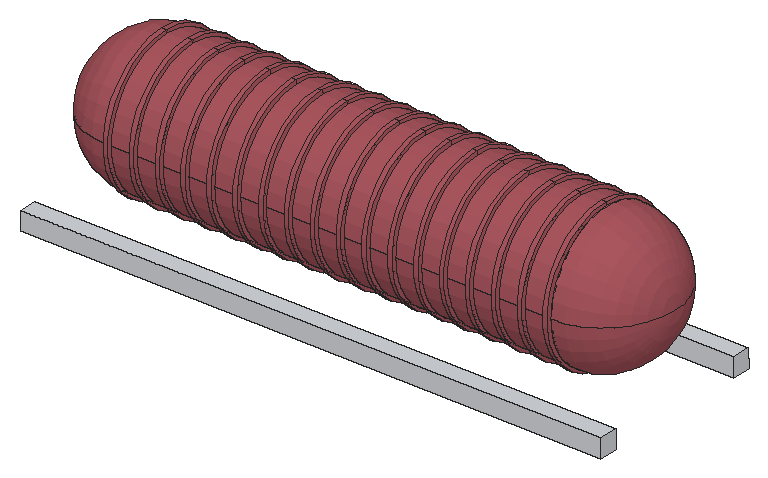
Revit family "Fluid-Storage_Petroleum-Tank_Xerxes_Underground-Standard-Fuel", category Generic Models, Revit 2026
Family settings
  Can host rebar = No
  Round Connector Dimension = Use Diameter
  Part Type = Normal
  Classification Number = 23.65.20.11
  Work Plane-Based = Yes
  Always vertical = No
  Cut with Voids When Loaded = No
  Maintain Annotation Orientation = No
  Shared = No
  Room Calculation Point = No
Parameters
  ribcountcontrol = if(Rib Count < 2, 2, Rib Count)  # 18
  Warranty Duration (Years) = 0
  Unit Weight Notes = "Unit Weight refers to empty tank only."  # constant formula
  Unit Weight = 0
  Unit Length = 31' - 6 1/2"
  URL = "http://www.xerxes.com/"
  Tank Diameter Without Ribs = 7' - 8"
  Standards Conformance = "as Specified"
  Specification = "http://www.arcat.com/sdspecs/htm04/33_16_00xer.htm"
  SpecWizard = "http://www.arcat.com/specwizard/clients/xerxes.html?coid=36629"
  Small Size Resevoir Fitting = no
  Send Message = ""
  Sales Information = "http://www.xerxes.com/contact.html?country=US&productType=Petroleum%20Products"
  Ribs = not(and(Diameter = 4' 0", Unit Length < 10' 0"))  # yes
  Rib Inset = 3' - 10"
  Rib Count = 18
  Revision = "R1_2015-07"
  Product Properties = ""
  Product Data = "http://www.arcat.com/arcatcos/cos36/arc36629.html"
  Model = "As Specified"
  Manufacturer Website = "http://www.xerxes.com/"
  Manufacturer Phone - Toll Free = ""
  Manufacturer Phone = "952-887-1890"
  Manufacturer Fax = "952-887-1882"
  Manufacturer Address = "7901 Xerxes Ave. S.   Minneapolis, MN 55431"
  Manufacturer = "Xerxes Corporation"
  Maintenance Schedule (Months) = 0
  Keynote = "13200"
  Installation-Fabrication = ""
  Installation Phase = ""
  Include Deadmen Anchor [instance] = yes
  Green Building-LEED = ""
  Fuel Type [instance] = "as Specified"
  Exterior Finish [instance] = Plastic - Fiberglass - Xerxes - Signature Red
  Expected Lifespan (Years) = 0
  End Length = 3' - 7 3/4"
  Drawn By = "Sumex Design, Inc. / Robert S. Weygant, CSI, CDT, SCIP"
  Double Wall Tank_Dry Monitored [instance] = no
  Double Wall Tank_Brine Monitored [instance] = no
  Double Wall Tank Notes [instance] = "Brine Monitored Tanks will weigh more than Dry Monitored."  # constant formula
  Diameter = 8' - 0"
  Description = "Xerxes Petroleum Tank as Specified"
  Default Elevation = 0' - 0"
  Copyright = "©Arcat Inc."
  Construction Details = "http://www.arcat.com/details/xerxes/xerxes.html?coid=36629"
  Capacity = "as Specified"
  Brine Weight = 0
  Available LEED Credit = "as Specified"
  Assembly Code = "G30"
  Actual Capacity Tank Section 1 = 0
Reference planes (in)
  plane 1 "Center (Front/Back)": y = 0
  plane 2 "Bottom": z = 0
  plane 3 "Center (Left/Right)": x = 0
  plane 4 "Front": y = -46
  plane 5 "Back": y = 46
  plane 6 "Left": x = -189.25
  plane 7 "Right": x = 189.25
  plane 8 "Top": z = 92
  plane 9: x = -145.5
  plane 10: x = 145.5
  plane 11: z = 46
  plane 12: x = -143.25
  plane 13: x = 143.25
  plane 14: z = 94
  plane 15: z = -2
Forms (in)
  Revolve 1, solid, material "Plastic - Fiberglass - Xerxes - Signature Red" <- "Exterior Finish"
    sketch origin (-43.59721, -180, 46) x (-1, 0, 0) y (0, -1, 0)
      loop
        spline (101.90279, -226) -> (107.61331, -225.60646) -> (113.22612, -224.43259) -> (118.64519, -222.49846) -> (123.77779, -219.83717) -> (128.5361, -216.49425) -> (132.83871, -212.52691) -> (136.612, -208.00303) -> (139.7914, -203) -> (142.32252, -197.60344) -> (144.16205, -191.90568) -> (145.2785, -186.0042) -> (145.65279, -180)
        line (145.65279, -180) -> (-232.84721, -180)
        spline (-232.84721, -180) -> (-232.47292, -186.0042) -> (-231.35646, -191.90568) -> (-229.51694, -197.60344) -> (-226.98582, -203) -> (-223.80642, -208.00303) -> (-220.03313, -212.52691) -> (-215.73052, -216.49425) -> (-210.97221, -219.83717) -> (-205.83961, -222.49846) -> (-200.42054, -224.43259) -> (-194.80773, -225.60646) -> (-189.09721, -226)
        line (-189.09721, -226) -> (101.90279, -226)
      axis (145.65279, -180) -> (-232.84721, -180)
    angle from 0 to 360
  Revolve 2, solid, material "Plastic - Fiberglass - Xerxes - Signature Red" <- "Exterior Finish", visible <- "Small Size Resevoir Fitting"
    sketch origin (0, 0, 0) x (1, 0, 0) y (0, 0, 1)
      loop
        line (-192.5, 0) -> (-186, 0) -> (-186, 78.4375) -> (-192.5, 78.4375) -> (-192.5, 0)
      axis (-186, 78.4375) -> (-186, 0)
    angle from 0 to 360
  Revolve 3, solid, material "Plastic - Fiberglass - Xerxes - Signature Red" <- "Exterior Finish", visible <- "Double Wall Tank_Dry Monitored"
    sketch origin (0, 0, 0) x (1, 0, 0) y (0, 0, 1)
      loop
        line (137.125, 92) -> (137.125, 46) -> (143.25, 46) -> (143.25, 96.18116) -> (140.37476, 96.18116) -> (140.37476, 94.68116) -> (139.37476, 94.68116) -> (137.125, 92)
      axis (143.25, 96.18116) -> (143.25, 46)
    angle from 0 to 360
  Revolve 4, solid, material "Plastic - Fiberglass - Xerxes - Signature Red" <- "Exterior Finish", visible <- "Double Wall Tank_Brine Monitored"
    sketch origin (0, 0, 0) x (1, 0, 0) y (0, 0, 1)
      loop
        line (143.25, 46) -> (143.25, 106.5) -> (140.37476, 106.5) -> (140.37476, 105) -> (133.75, 105) -> (133.75, 46) -> (143.25, 46)
      axis (143.25, 106.5) -> (143.25, 46)
    angle from 0 to 360
Dimensions and locks (in)
  equal spacing: plane 6 "Left", plane 3 "Center (Left/Right)", plane 7 "Right"
  "Unit Length": plane 6 "Left" to plane 7 "Right"
  equal spacing: plane 5 "Back", plane 1 "Center (Front/Back)", plane 4 "Front"
  "Tank Diameter Without Ribs": plane 5 "Back" to plane 4 "Front"
  "Tank Diameter Without Ribs": plane 8 "Top" to level
  "End Length": plane 6 "Left" to plane 9
  "End Length": plane 10 to plane 7 "Right"
  locked: plane 6 "Left" to Revolve 1 sketch curve at 0
  locked: plane 7 "Right" to Revolve 1 sketch curve at 0
  equal spacing: plane 8 "Top", plane 11, level
  "Rib Inset": plane 6 "Left" to plane 12
  "Rib Inset": plane 13 to plane 7 "Right"
  equal spacing: group 1, group 3, group 4, group 5, group 6, group 7, group 8, group 9, group 10, group 11, group 12, group 13, group 14, group 15, group 16, group 17, group 18, group 2  (x3)
  locked: Revolve 2 sketch curve to plane 11 at 32.4375
  locked: Revolve 2 sketch curve to plane 6 "Left" at 3.25
  Revolve 2 sketch curve to plane 6 "Left" to Revolve 2 sketch curve = 0' - 3 1/4" locked, 0' - 3 1/4" locked
  equal spacing: plane 14, plane 11, plane 15
  "Diameter": plane 14 to plane 15
  Revolve 3 sketch curve to Revolve 3 sketch curve to plane 8 "Top" to Revolve 3 sketch curve = 0' - 1 1/2" locked, 0' - 2.68116" locked, 0' - 0" locked
  Revolve 4 sketch curve to Revolve 4 sketch curve to plane 8 "Top" = 0' - 1 1/2" locked, 1' - 1" locked
  aligned and locked: Revolve 1 sketch curve to plane 1 "Center (Front/Back)"
  aligned and locked: Revolve 1 sketch curve to plane 5 "Back"
  aligned and locked: Revolve 1 sketch curve to plane 10
  aligned and locked: Revolve 1 sketch curve to plane 9
  aligned and locked: nested 2 to plane 13
  aligned and locked: nested 1 to plane 12
  aligned and locked: plane 3 "Center (Left/Right)" to nested 4
  aligned and locked: Revolve 3 sketch curve to plane 13
  aligned and locked: Revolve 4 sketch curve to plane 13
  aligned and locked: plane 11 to Revolve 3 sketch curve
  aligned and locked: Revolve 4 sketch curve to plane 11
Automatic sketch dimensions
  plane 1 "Center (Front/Back)" to Revolve 1 sketch curve = 0' - 0"
  Revolve 1 sketch curve to Revolve 1 sketch curve = 0' - 4"
  Revolve 1 sketch curve to plane 6 "Left" = 0' - 5"
  Revolve 2 sketch curve to level = 0' - 0"
  Revolve 2 sketch curve to level = 0' - 4 9/16"
  Revolve 2 sketch curve to Revolve 2 sketch curve = 0' - 0"
  Revolve 3 sketch curve to plane 13 = 0' - 2.87524"
  Revolve 3 sketch curve to Revolve 3 sketch curve = 0' - 1"
  Revolve 3 sketch curve to Revolve 3 sketch curve = 0' - 2.24976"
  Revolve 3 sketch curve to plane 8 "Top" = 0' - 3 1/2"
  Revolve 3 sketch curve to Revolve 3 sketch curve = 0' - 0.06884"
  Revolve 3 sketch curve to plane 13 = 0' - 0"
  Revolve 4 sketch curve to plane 13 = 0' - 0"
  Revolve 4 sketch curve to Revolve 4 sketch curve = 0' - 2.87524"
  Revolve 4 sketch curve to Revolve 4 sketch curve = 0' - 6.62476"
  Revolve 4 sketch curve to Revolve 4 sketch curve = 0' - 2 1/2"
  Revolve 4 sketch curve to plane 8 "Top" = 0' - 7 3/4"
Nested families (in)
  nested 1: "Ribs" at (-143.25, 0, 0) x (0, 1, 0) z (0, 0, 1), Diameter <- "Tank Diameter Without Ribs", visible <- "Ribs", finish <- "Exterior Finish", outer diameter <- "Diameter", type "Ribs"
    with rib height 0' - 2", outer diameter 8' - 0", finish Plastic - Fiberglass - Xerxes - Signature Red, Diameter 7' - 8"
  nested 2: "Ribs" at (143.25, 0, 0) x (0, 1, 0) z (0, 0, 1), Diameter <- "Tank Diameter Without Ribs", visible <- "Ribs", finish <- "Exterior Finish", outer diameter <- "Diameter", type "Ribs"
    with rib height 0' - 2", outer diameter 8' - 0", finish Plastic - Fiberglass - Xerxes - Signature Red, Diameter 7' - 8"
  nested 3: "Ribs" at (-126.39706, 0, 0) x (0, 1, 0) z (0, 0, 1), Diameter <- "Tank Diameter Without Ribs", visible <- "Ribs", finish <- "Exterior Finish", outer diameter <- "Diameter", type "Ribs"
    with rib height 0' - 2", outer diameter 8' - 0", finish Plastic - Fiberglass - Xerxes - Signature Red, Diameter 7' - 8"
  nested 4: "Fluid-Storage_Tank-Accessory_Xerxes_Deadmen" at (0, 0, -2) x (1, 0, 0) z (0, 0, -1), Unit Length <- "Unit Length", Space Between Deadmen <- "Diameter", visible <- "Include Deadmen Anchor", type "Fluid-Storage_Tank-Accessory_Xerxes_Deadmen"
    with Unit Width 1' - 0", Unit Length 31' - 6 1/2", Unit Height 1' - 0", Space Between Deadmen 8' - 0", Lower Diameter Tanks yes, Higher Diameter Tanks no
  nested 5: "Ribs" at (-109.54412, 0, 0) x (0, 1, 0) z (0, 0, 1), Diameter <- "Tank Diameter Without Ribs", visible <- "Ribs", finish <- "Exterior Finish", outer diameter <- "Diameter", type "Ribs"
    with rib height 0' - 2", outer diameter 8' - 0", finish Plastic - Fiberglass - Xerxes - Signature Red, Diameter 7' - 8"
  nested 6: "Ribs" at (-92.69118, 0, 0) x (0, 1, 0) z (0, 0, 1), Diameter <- "Tank Diameter Without Ribs", visible <- "Ribs", finish <- "Exterior Finish", outer diameter <- "Diameter", type "Ribs"
    with rib height 0' - 2", outer diameter 8' - 0", finish Plastic - Fiberglass - Xerxes - Signature Red, Diameter 7' - 8"
  nested 7: "Ribs" at (-75.83824, 0, 0) x (0, 1, 0) z (0, 0, 1), Diameter <- "Tank Diameter Without Ribs", visible <- "Ribs", finish <- "Exterior Finish", outer diameter <- "Diameter", type "Ribs"
    with rib height 0' - 2", outer diameter 8' - 0", finish Plastic - Fiberglass - Xerxes - Signature Red, Diameter 7' - 8"
  nested 8: "Ribs" at (-58.98529, 0, 0) x (0, 1, 0) z (0, 0, 1), Diameter <- "Tank Diameter Without Ribs", visible <- "Ribs", finish <- "Exterior Finish", outer diameter <- "Diameter", type "Ribs"
    with rib height 0' - 2", outer diameter 8' - 0", finish Plastic - Fiberglass - Xerxes - Signature Red, Diameter 7' - 8"
  nested 9: "Ribs" at (-42.13235, 0, 0) x (0, 1, 0) z (0, 0, 1), Diameter <- "Tank Diameter Without Ribs", visible <- "Ribs", finish <- "Exterior Finish", outer diameter <- "Diameter", type "Ribs"
    with rib height 0' - 2", outer diameter 8' - 0", finish Plastic - Fiberglass - Xerxes - Signature Red, Diameter 7' - 8"
  nested 10: "Ribs" at (-25.27941, 0, 0) x (0, 1, 0) z (0, 0, 1), Diameter <- "Tank Diameter Without Ribs", visible <- "Ribs", finish <- "Exterior Finish", outer diameter <- "Diameter", type "Ribs"
    with rib height 0' - 2", outer diameter 8' - 0", finish Plastic - Fiberglass - Xerxes - Signature Red, Diameter 7' - 8"
  nested 11: "Ribs" at (-8.42647, 0, 0) x (0, 1, 0) z (0, 0, 1), Diameter <- "Tank Diameter Without Ribs", visible <- "Ribs", finish <- "Exterior Finish", outer diameter <- "Diameter", type "Ribs"
    with rib height 0' - 2", outer diameter 8' - 0", finish Plastic - Fiberglass - Xerxes - Signature Red, Diameter 7' - 8"
  nested 12: "Ribs" at (8.42647, 0, 0) x (0, 1, 0) z (0, 0, 1), Diameter <- "Tank Diameter Without Ribs", visible <- "Ribs", finish <- "Exterior Finish", outer diameter <- "Diameter", type "Ribs"
    with rib height 0' - 2", outer diameter 8' - 0", finish Plastic - Fiberglass - Xerxes - Signature Red, Diameter 7' - 8"
  nested 13: "Ribs" at (25.27941, 0, 0) x (0, 1, 0) z (0, 0, 1), Diameter <- "Tank Diameter Without Ribs", visible <- "Ribs", finish <- "Exterior Finish", outer diameter <- "Diameter", type "Ribs"
    with rib height 0' - 2", outer diameter 8' - 0", finish Plastic - Fiberglass - Xerxes - Signature Red, Diameter 7' - 8"
  nested 14: "Ribs" at (42.13235, 0, 0) x (0, 1, 0) z (0, 0, 1), Diameter <- "Tank Diameter Without Ribs", visible <- "Ribs", finish <- "Exterior Finish", outer diameter <- "Diameter", type "Ribs"
    with rib height 0' - 2", outer diameter 8' - 0", finish Plastic - Fiberglass - Xerxes - Signature Red, Diameter 7' - 8"
  nested 15: "Ribs" at (58.98529, 0, 0) x (0, 1, 0) z (0, 0, 1), Diameter <- "Tank Diameter Without Ribs", visible <- "Ribs", finish <- "Exterior Finish", outer diameter <- "Diameter", type "Ribs"
    with rib height 0' - 2", outer diameter 8' - 0", finish Plastic - Fiberglass - Xerxes - Signature Red, Diameter 7' - 8"
  nested 16: "Ribs" at (75.83824, 0, 0) x (0, 1, 0) z (0, 0, 1), Diameter <- "Tank Diameter Without Ribs", visible <- "Ribs", finish <- "Exterior Finish", outer diameter <- "Diameter", type "Ribs"
    with rib height 0' - 2", outer diameter 8' - 0", finish Plastic - Fiberglass - Xerxes - Signature Red, Diameter 7' - 8"
  nested 17: "Ribs" at (92.69118, 0, 0) x (0, 1, 0) z (0, 0, 1), Diameter <- "Tank Diameter Without Ribs", visible <- "Ribs", finish <- "Exterior Finish", outer diameter <- "Diameter", type "Ribs"
    with rib height 0' - 2", outer diameter 8' - 0", finish Plastic - Fiberglass - Xerxes - Signature Red, Diameter 7' - 8"
  nested 18: "Ribs" at (109.54412, 0, 0) x (0, 1, 0) z (0, 0, 1), Diameter <- "Tank Diameter Without Ribs", visible <- "Ribs", finish <- "Exterior Finish", outer diameter <- "Diameter", type "Ribs"
    with rib height 0' - 2", outer diameter 8' - 0", finish Plastic - Fiberglass - Xerxes - Signature Red, Diameter 7' - 8"
  nested 19: "Ribs" at (126.39706, 0, 0) x (0, 1, 0) z (0, 0, 1), Diameter <- "Tank Diameter Without Ribs", visible <- "Ribs", finish <- "Exterior Finish", outer diameter <- "Diameter", type "Ribs"
    with rib height 0' - 2", outer diameter 8' - 0", finish Plastic - Fiberglass - Xerxes - Signature Red, Diameter 7' - 8"
Definition of nested family "Ribs"
  Parameters
    rib height [instance] = (outer diameter - Diameter) / 2  # 1' - 0.28415"
    outer diameter [instance] = 4' - 5"
    finish [instance] = none
    Diameter [instance] = 2' - 4.4317"
    Default Elevation = 0' - 0"
    Assembly Code = ""
  Reference planes (in)
    plane 1 "Center (Front/Back)": y = 0
    plane 2: z = 0
    plane 3 "Center (Left/Right)": x = 0
    plane 4: z = 28.4317
    plane 5: z = 40.71585
    plane 6: z = -12.28415
  Forms (in)
    Revolve 1, solid, material <- "finish"
      sketch origin (0, 0, 0) x (0, 1, 0) y (0, 0, 1)
        loop
          line (-1.45594, -12.28415) -> (1.45594, -12.28415) -> (1.75, 0) -> (-1.75, 0) -> (-1.45594, -12.28415)
        axis (-1.75, 14.21585) -> (1.75, 14.21585)
      angle from 0 to 360
  Dimensions and locks (in)
    "Diameter": plane 4 to level
    equal spacing: plane 4, Revolve 1 sketch curve, level
    "rib height": plane 5 to plane 4
    "rib height": level to plane 6
    aligned and locked: plane 2 to level
    aligned and locked: plane 6 to Revolve 1 sketch curve
  Automatic sketch dimensions
    Revolve 1 sketch curve to level = 0' - 0"
    plane 1 "Center (Front/Back)" to Revolve 1 sketch curve = 1' - 2.96287"
    plane 1 "Center (Front/Back)" to Revolve 1 sketch curve = 0' - 1 3/4"
    Revolve 1 sketch curve to Revolve 1 sketch curve = 0' - 0.29406"  (x2)
    Revolve 1 sketch curve to plane 1 "Center (Front/Back)" = 0' - 1.45594"
    Revolve 1 sketch curve to plane 1 "Center (Front/Back)" = 1' - 1.03713"
Definition of nested family "Fluid-Storage_Tank-Accessory_Xerxes_Deadmen"
  Parameters
    Warranty Duration (Years) = 0
    Unit Width [instance] = if(Space Between Deadmen < 10' 0", 1' 0", 1' 6")  # 1' - 0"
    Unit Weight = 0
    Unit Length [instance] = 6' - 0"
    Unit Height [instance] = if(Space Between Deadmen < 10' 0", 1' 0", 0' 8 3/4")  # 1' - 0"
    URL = ""
    Specification = ""
    SpecWizard = ""
    Space Between Deadmen [instance] = 2' - 8"
    Send Message = ""
    Sales Information = ""
    Revision = "R1_01-2014"
    Product Properties = ""
    Product Data = ""
    Model = "As Specified"
    Manufacturer Website = ""
    Manufacturer Phone - Toll Free = ""
    Manufacturer Phone = ""
    Manufacturer Fax = ""
    Manufacturer Address = ""
    Manufacturer = ""
    Maintenance Schedule (Months) = 0
    Lower Diameter Tanks [instance] = Space Between Deadmen < 10' 0"  # yes
    Keynote = ""
    Installation-Fabrication = ""
    Installation Phase = ""
    Higher Diameter Tanks [instance] = not(Space Between Deadmen < 10' 0")  # no
    Green Building-LEED = ""
    Expected Lifespan (Years) = 0
    Drawn By = "Sumex Design, Inc. / Robert S. Weygant, CSI, CDT, SCIP"
    Description = ""
    Default Elevation = 0' - 0"
    Copyright = "©Arcat Inc."
    Construction Details = ""
    Assembly Code = ""
  Reference planes (in)
    plane 1 "Center (Front/Back)": y = 0
    plane 2 "Bottom": z = 0
    plane 3 "Center (Left/Right)": x = 0
    plane 4 "Front": y = -16
    plane 5 "Back": y = 16
    plane 6 "Left": x = -36
    plane 7 "Right": x = 36
  Forms (in)
    Extrusion 1, solid, visible <- "Lower Diameter Tanks"
      sketch origin (0, 0, 0) x (0, 1, 0) y (0, 0, 1)
        loop
          line (-28, 12) -> (-28, 0) -> (-16, 0) -> (-16, 12) -> (-28, 12)
        loop
          line (16, 12) -> (16, 0) -> (28, 0) -> (28, 12) -> (16, 12)
      from -36 to 36
    Extrusion 2, solid, visible <- "Higher Diameter Tanks"
      sketch origin (0, 0, 0) x (0, 1, 0) y (0, 0, 1)
        loop
          line (16, 8.75) -> (16, 2.88675) -> (21, 0) -> (29, 0) -> (34, 2.88675) -> (34, 8.75) -> (16, 8.75)
        loop
          line (-16, 8.75) -> (-34, 8.75) -> (-34, 2.88675) -> (-29, 0) -> (-21, 0) -> (-16, 2.88675) -> (-16, 8.75)
      from -36 to 36
  Dimensions and locks (in)
    equal spacing: plane 6 "Left", plane 3 "Center (Left/Right)", plane 7 "Right"
    "Unit Length": plane 6 "Left" to plane 7 "Right"
    equal spacing: plane 5 "Back", plane 1 "Center (Front/Back)", plane 4 "Front"
    "Space Between Deadmen": plane 5 "Back" to plane 4 "Front"
    locked: Extrusion 1 sketch curve to plane 4 "Front" at 12
    locked: plane 5 "Back" to Extrusion 1 sketch curve at 12
    locked: Extrusion 1 sketch curve to level at 12  (x2)
    Extrusion 2 sketch curve to Extrusion 2 sketch curve to Extrusion 2 sketch curve to plane 4 "Front" = 0' - 5" locked, 0' - 8" locked, 0' - 5" locked
    plane 5 "Back" to Extrusion 2 sketch curve to Extrusion 2 sketch curve to Extrusion 2 sketch curve = 0' - 5" locked, 0' - 8" locked, 0' - 5" locked
    aligned and locked: plane 7 "Right" to Extrusion 1
    aligned and locked: Extrusion 1 to plane 6 "Left"
    aligned and locked: Extrusion 2 to plane 7 "Right"
    aligned and locked: Extrusion 2 to plane 6 "Left"
  Automatic sketch dimensions
    Extrusion 1 sketch curve to level = 0' - 0"  (x2)
    Extrusion 1 sketch curve to plane 4 "Front" = 0' - 0"
    Extrusion 1 sketch curve to plane 5 "Back" = 0' - 0"
    level to Extrusion 2 sketch curve = 0' - 8 3/4"
    Extrusion 2 sketch curve to plane 4 "Front" = 0' - 0"
    Extrusion 2 sketch curve to plane 5 "Back" = 0' - 0"
    level to Extrusion 2 sketch curve = 0' - 2.88675"  (x2)
    Extrusion 2 sketch curve to Extrusion 2 sketch curve = 0' - 5.86325"  (x2)
    Extrusion 2 sketch curve to Extrusion 2 sketch curve = 0' - 2.88675"  (x2)
    Extrusion 2 sketch curve to level = 0' - 0"
